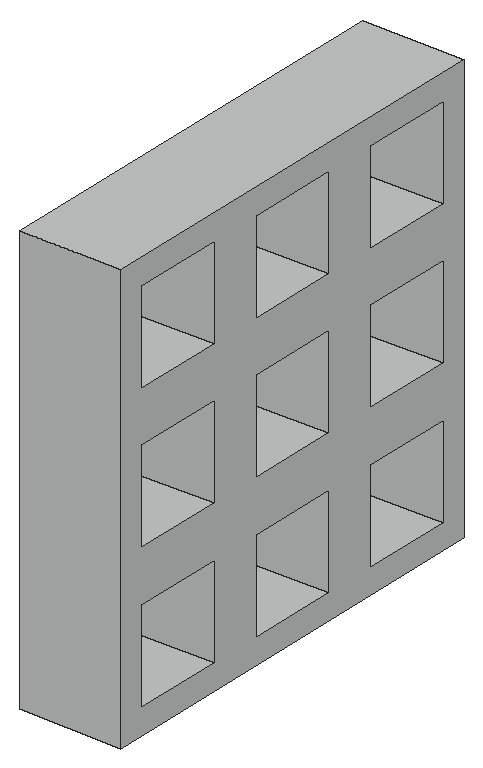
Revit family "KIPPSE", category Curtain Panels, Revit 2019
Family settings
  OmniClass Number = 23.25.20.14.11.11.17
  OmniClass Title = Infill Panels
  Always vertical = Yes
  Cut with Voids When Loaded = No
  Shared = No
Parameters
  Material en Concreto = Concreto ladrillo
Reference planes (m)
  plane 1 "Centro (Frontal/Posterior)": y = 0
  plane 2: z = 0
  plane 3 "Centro (Izquierda/Derecha)": x = 0
  plane 4 "Izquierda": x = -1.5
  plane 5 "Derecha": x = 1.5
  plane 6 "Parte superior": z = 1.12
Forms (m)
  Extrusion 1, solid, material "Concreto ladrillo" <- "Material en Concreto"
    sketch origin (0, -0.225247, 0.229296) x (0, 0, -1) y (0, 1, 0)
      loop
        line (-0.110704, 0.225247) -> (-0.110704, -0.114753) -> (0.229296, -0.114753) -> (0.229296, 0.225247) -> (-0.110704, 0.225247)
    from 0.08 to 0
  Blend 2, void
    base sketch origin (0, -0.225247, 0.159296) x (0, 1, 0) y (0, 0, 1)
      loop
        line (-0.099753, -0.144296) -> (-0.016453, -0.144296) -> (-0.016453, -0.060996) -> (-0.099753, -0.060996) -> (-0.099753, -0.144296)
    top sketch origin (0, -0.225247, 0.159296) x (0, 1, 0) y (0, 0, 1)
      loop
        line (-0.094753, -0.139296) -> (-0.021453, -0.139296) -> (-0.021453, -0.065996) -> (-0.094753, -0.065996) -> (-0.094753, -0.139296)
    from 0 to 0.08
  Blend 3, void
    base sketch origin (0, 0.001453, 0.159296) x (0, 1, 0) y (0, 0, 1)
      loop
        line (-0.099753, -0.144296) -> (-0.016453, -0.144296) -> (-0.016453, -0.060996) -> (-0.099753, -0.060996) -> (-0.099753, -0.144296)
    top sketch origin (0, 0.001453, 0.159296) x (0, 1, 0) y (0, 0, 1)
      loop
        line (-0.094753, -0.139296) -> (-0.021453, -0.139296) -> (-0.021453, -0.065996) -> (-0.094753, -0.065996) -> (-0.094753, -0.139296)
    from 0 to 0.08
  Blend 4, void
    base sketch origin (0, -0.225247, 0.272696) x (0, 1, 0) y (0, 0, 1)
      loop
        line (-0.099753, -0.144296) -> (-0.016453, -0.144296) -> (-0.016453, -0.060996) -> (-0.099753, -0.060996) -> (-0.099753, -0.144296)
    top sketch origin (0, -0.225247, 0.272696) x (0, 1, 0) y (0, 0, 1)
      loop
        line (-0.094753, -0.139296) -> (-0.021453, -0.139296) -> (-0.021453, -0.065996) -> (-0.094753, -0.065996) -> (-0.094753, -0.139296)
    from 0 to 0.08
  Blend 5, void
    base sketch origin (0, -0.111847, 0.272696) x (0, 1, 0) y (0, 0, 1)
      loop
        line (-0.099753, -0.144296) -> (-0.016453, -0.144296) -> (-0.016453, -0.060996) -> (-0.099753, -0.060996) -> (-0.099753, -0.144296)
    top sketch origin (0, -0.111847, 0.272696) x (0, 1, 0) y (0, 0, 1)
      loop
        line (-0.094753, -0.139296) -> (-0.021453, -0.139296) -> (-0.021453, -0.065996) -> (-0.094753, -0.065996) -> (-0.094753, -0.139296)
    from 0 to 0.08
  Blend 6, void
    base sketch origin (0, 0.001453, 0.272696) x (0, 1, 0) y (0, 0, 1)
      loop
        line (-0.099753, -0.144296) -> (-0.016453, -0.144296) -> (-0.016453, -0.060996) -> (-0.099753, -0.060996) -> (-0.099753, -0.144296)
    top sketch origin (0, 0.001453, 0.272696) x (0, 1, 0) y (0, 0, 1)
      loop
        line (-0.094753, -0.139296) -> (-0.021453, -0.139296) -> (-0.021453, -0.065996) -> (-0.094753, -0.065996) -> (-0.094753, -0.139296)
    from 0 to 0.08
  Blend 7, void
    base sketch origin (0, -0.225247, 0.385996) x (0, 1, 0) y (0, 0, 1)
      loop
        line (-0.099753, -0.144296) -> (-0.016453, -0.144296) -> (-0.016453, -0.060996) -> (-0.099753, -0.060996) -> (-0.099753, -0.144296)
    top sketch origin (0, -0.225247, 0.385996) x (0, 1, 0) y (0, 0, 1)
      loop
        line (-0.094753, -0.139296) -> (-0.021453, -0.139296) -> (-0.021453, -0.065996) -> (-0.094753, -0.065996) -> (-0.094753, -0.139296)
    from 0 to 0.08
  Blend 8, void
    base sketch origin (0, -0.111847, 0.385996) x (0, 1, 0) y (0, 0, 1)
      loop
        line (-0.099753, -0.144296) -> (-0.016453, -0.144296) -> (-0.016453, -0.060996) -> (-0.099753, -0.060996) -> (-0.099753, -0.144296)
    top sketch origin (0, -0.111847, 0.385996) x (0, 1, 0) y (0, 0, 1)
      loop
        line (-0.094753, -0.139296) -> (-0.021453, -0.139296) -> (-0.021453, -0.065996) -> (-0.094753, -0.065996) -> (-0.094753, -0.139296)
    from 0 to 0.08
  Blend 9, void
    base sketch origin (0, 0.001453, 0.385996) x (0, 1, 0) y (0, 0, 1)
      loop
        line (-0.099753, -0.144296) -> (-0.016453, -0.144296) -> (-0.016453, -0.060996) -> (-0.099753, -0.060996) -> (-0.099753, -0.144296)
    top sketch origin (0, 0.001453, 0.385996) x (0, 1, 0) y (0, 0, 1)
      loop
        line (-0.094753, -0.139296) -> (-0.021453, -0.139296) -> (-0.021453, -0.065996) -> (-0.094753, -0.065996) -> (-0.094753, -0.139296)
    from 0 to 0.08
  Blend 10, void
    base sketch origin (0, -0.111847, 0.159296) x (0, 1, 0) y (0, 0, 1)
      loop
        line (-0.099753, -0.144296) -> (-0.016453, -0.144296) -> (-0.016453, -0.060996) -> (-0.099753, -0.060996) -> (-0.099753, -0.144296)
    top sketch origin (0, -0.111847, 0.159296) x (0, 1, 0) y (0, 0, 1)
      loop
        line (-0.094753, -0.139296) -> (-0.021453, -0.139296) -> (-0.021453, -0.065996) -> (-0.094753, -0.065996) -> (-0.094753, -0.139296)
    from 0 to 0.08
Cuts and joins
  Blend 2, Blend 3, Blend 4, Blend 5, Blend 6, Blend 7, Blend 8, Blend 9, Blend 10 cuts Extrusion 1
Text (m)
  text "Exterior" at (-2.45384, 1.416179, 0), in view "Nivel de referencia"
  text "Exterior" at (0, 0.997594, 1.31268), in view "Izquierda"
  text "Exterior" at (0, 1.328187, 4.120349), in view "Derecha"
Dimensions and locks (m)
  equal spacing: plane 4 "Izquierda", plane 3 "Centro (Izquierda/Derecha)", plane 5 "Derecha"
  aligned and locked: level to plane 2
Automatic sketch dimensions
  level to Extrusion 1 sketch curve = 0.340 m
  Extrusion 1 sketch curve to level = 0.000 m
  plane 1 "Centro (Frontal/Posterior)" to Extrusion 1 sketch curve = 0.340 m
  Extrusion 1 sketch curve to plane 1 "Centro (Frontal/Posterior)" = 0.000 m
  plane 1 "Centro (Frontal/Posterior)" to Blend 2 sketch curve = 0.325 m
  plane 1 "Centro (Frontal/Posterior)" to Blend 2 sketch curve = 0.2417 m
  level to Blend 2 sketch curve = 0.015 m
  level to Blend 2 sketch curve = 0.0983 m
  plane 1 "Centro (Frontal/Posterior)" to Blend 2 sketch curve = 0.320 m
  plane 1 "Centro (Frontal/Posterior)" to Blend 2 sketch curve = 0.2467 m
  level to Blend 2 sketch curve = 0.020 m
  level to Blend 2 sketch curve = 0.0933 m
  level to Blend 3 sketch curve = 0.0983 m
  plane 1 "Centro (Frontal/Posterior)" to Blend 3 sketch curve = 0.0983 m
  Blend 3 sketch curve to Blend 3 sketch curve = 0.0833 m  (x2)
  plane 1 "Centro (Frontal/Posterior)" to Blend 3 sketch curve = 0.0933 m
  Blend 3 sketch curve to Blend 3 sketch curve = 0.0733 m
  level to Blend 3 sketch curve = 0.020 m
  level to Blend 3 sketch curve = 0.0933 m
  plane 1 "Centro (Frontal/Posterior)" to Blend 4 sketch curve = 0.325 m
  plane 1 "Centro (Frontal/Posterior)" to Blend 4 sketch curve = 0.2417 m
  level to Blend 4 sketch curve = 0.1284 m
  level to Blend 4 sketch curve = 0.2117 m
  plane 1 "Centro (Frontal/Posterior)" to Blend 4 sketch curve = 0.320 m
  plane 1 "Centro (Frontal/Posterior)" to Blend 4 sketch curve = 0.2467 m
  level to Blend 4 sketch curve = 0.1334 m
  level to Blend 4 sketch curve = 0.2067 m
  plane 1 "Centro (Frontal/Posterior)" to Blend 5 sketch curve = 0.2116 m
  Blend 5 sketch curve to Blend 5 sketch curve = 0.0833 m
  level to Blend 5 sketch curve = 0.1284 m
  level to Blend 5 sketch curve = 0.2117 m
  plane 1 "Centro (Frontal/Posterior)" to Blend 5 sketch curve = 0.2066 m
  Blend 5 sketch curve to Blend 5 sketch curve = 0.0733 m
  level to Blend 5 sketch curve = 0.1334 m
  level to Blend 5 sketch curve = 0.2067 m
  level to Blend 6 sketch curve = 0.2117 m
  plane 1 "Centro (Frontal/Posterior)" to Blend 6 sketch curve = 0.0983 m
  Blend 6 sketch curve to Blend 6 sketch curve = 0.0833 m
  level to Blend 6 sketch curve = 0.1284 m
  level to Blend 6 sketch curve = 0.2067 m
  plane 1 "Centro (Frontal/Posterior)" to Blend 6 sketch curve = 0.0933 m
  Blend 6 sketch curve to Blend 6 sketch curve = 0.0733 m
  level to Blend 6 sketch curve = 0.1334 m
  plane 1 "Centro (Frontal/Posterior)" to Blend 7 sketch curve = 0.325 m
  plane 1 "Centro (Frontal/Posterior)" to Blend 7 sketch curve = 0.2417 m
  level to Blend 7 sketch curve = 0.2417 m
  Blend 7 sketch curve to Blend 7 sketch curve = 0.0833 m
  plane 1 "Centro (Frontal/Posterior)" to Blend 7 sketch curve = 0.320 m
  plane 1 "Centro (Frontal/Posterior)" to Blend 7 sketch curve = 0.2467 m
  level to Blend 7 sketch curve = 0.2467 m
  Blend 7 sketch curve to Blend 7 sketch curve = 0.0733 m
  plane 1 "Centro (Frontal/Posterior)" to Blend 8 sketch curve = 0.2116 m
  Blend 8 sketch curve to Blend 8 sketch curve = 0.0833 m  (x2)
  level to Blend 8 sketch curve = 0.2417 m
  plane 1 "Centro (Frontal/Posterior)" to Blend 8 sketch curve = 0.2066 m
  Blend 8 sketch curve to Blend 8 sketch curve = 0.0733 m  (x2)
  level to Blend 8 sketch curve = 0.2467 m
  plane 1 "Centro (Frontal/Posterior)" to Blend 9 sketch curve = 0.0983 m
  Blend 9 sketch curve to Blend 9 sketch curve = 0.0833 m  (x2)
  level to Blend 9 sketch curve = 0.2417 m
  plane 1 "Centro (Frontal/Posterior)" to Blend 9 sketch curve = 0.0933 m
  Blend 9 sketch curve to Blend 9 sketch curve = 0.0733 m  (x2)
  level to Blend 9 sketch curve = 0.2467 m
  plane 1 "Centro (Frontal/Posterior)" to Blend 10 sketch curve = 0.2116 m
  Blend 10 sketch curve to Blend 10 sketch curve = 0.0833 m
  level to Blend 10 sketch curve = 0.015 m
  level to Blend 10 sketch curve = 0.0983 m
  plane 1 "Centro (Frontal/Posterior)" to Blend 10 sketch curve = 0.2066 m
  Blend 10 sketch curve to Blend 10 sketch curve = 0.0733 m
  level to Blend 10 sketch curve = 0.020 m
  level to Blend 10 sketch curve = 0.0933 m
